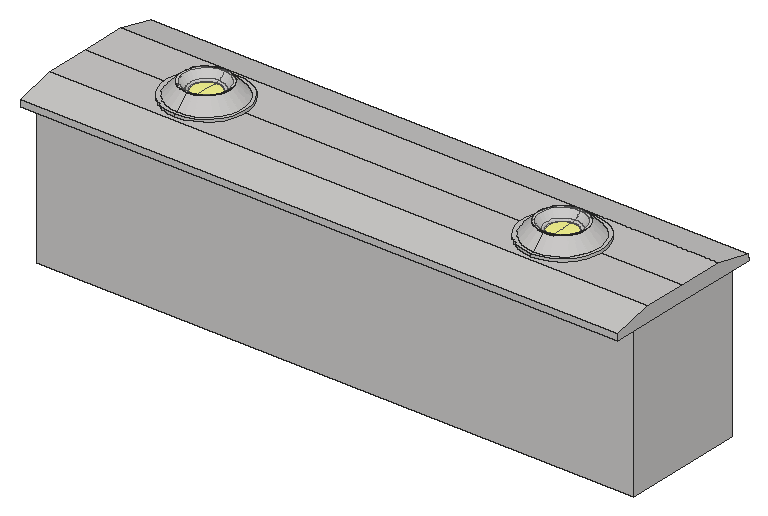
Revit family "CELEM", category Lighting Fixtures, host Face, Revit 2021
Family settings
  Host = Face
  Round Connector Dimension = Use Diameter
  Part Type = Normal
  OmniClass Number = 23.80.70.11.21
  OmniClass Title = Emergency Lighting
  Cut with Voids When Loaded = No
  Light Source = No
  Shared = No
  Room Calculation Point = No
Parameters (values of type "CELEM")
  zz Length 1 [instance] = if(Single Face, 0.200", 0.250")  # 0.200"
  Width = 2.0625"
  Watts = 3.72 W
  Wattage Comments = "3.72 W"
  Warranty = "2 year full unit warranty"  # constant formula
  Wall Plate Material = Black
  Voltage [instance] = if(Is 120VAC, 120 V, 277 V)  # 120 V
  URL = "https://www.currentlighting.com/compass"
  Type Comments = "Exit Light"  # constant formula
  Single Face = yes
  Product Page URL = ""
  Product Documentation Link = ""
  Model = "CELEM"
  Manufacturer = "Compass Products"  # constant formula
  Load Classification = Lighting
  Lens = Light Yellow
  Length = 10.0625"
  Lamp = "LED Lamp"  # constant formula
  Is 277VAC [instance] = not(Is 120VAC)  # no
  Is 120VAC [instance] = yes
  Holder Material = Steel
  Glass = light Glass
  Finish = White
  Features = "LED Life Cycle more than 10 years\r\nBattery recharge within 24 hours\r\nDamp location listed 10°C to 40°C (50°F to 104°F)\r\nDual-voltage 120 or 277V AC, 60Hz. input\r\nIncludes long-life Nickel Metal Hydride battery for UL recognized 90 minute emergency lighting\r\nProvided with test switch and AC-On indicator\r\nMatching CELC Edge-Lit combination exit/emergency light"  # constant formula
  Double Face = no
  Description = "The CELEM Series is a recessed architectural LED based Emergency Light with adjustable LED lamps"  # constant formula
  Default Elevation = 48.000"
  Certification = "UL924 Listed for Damp Location\r\nOSHA"  # constant formula
  Apparent Load = Watts  # 3.72 VA
Reference planes (in)
  plane 1 "Center (Front/Back)": y = 0
  plane 2: z = 0
  plane 3 "Center (Left/Right)": x = 0
  plane 4: z = 8.2
  plane 5: x = -5.03125
  plane 6: x = 5.03125
  plane 7: y = 1.03125
  plane 8: y = -1.03125
  plane 9: y = 1.375
  plane 10: y = -1.375
  plane 11: z = 0.5
Forms (in)
  Extrusion 1, solid, material "Steel" <- "Holder Material"
    sketch origin (0, 0, 0) x (1, 0, 0) y (0, 1, 0)
      loop
        line (-5.03125, 1.03125) -> (-5.03125, -1.03125) -> (5.03125, -1.03125) -> (5.03125, 1.03125) -> (-5.03125, 1.03125)
    from 0 to -2.5
  Extrusion 2, solid, material "Steel" <- "Holder Material"
    sketch origin (0, 0, 0) x (0, 1, 0) y (0, 0, 1)
      loop
        line (0, 0) -> (1.375, 0) -> (1.375, 0.1) -> (0.75, 0.25) -> (0, 0.25) -> (-0.75, 0.25) -> (-1.375, 0.1) -> (-1.375, 0) -> (0, 0)
    from -5.03125 to 5.03125
  Revolve 3, solid, material "Steel" <- "Holder Material"
    sketch origin (3, 0, 0) x (0, 1, 0) y (0, 0, 1)
      loop
        line (0, 0.25) -> (0, 0.36238) -> (-0.24529, 0.36238)
        arc (-0.24529, 0.36238) -> (-0.26556, 0.37846) -> (-0.28583, 0.36238) r 0.02081
        line (-0.28583, 0.36238) -> (-0.36694, 0.49219) -> (-0.40004, 0.49219) -> (-0.60116, 0.29106) -> (-0.66358, 0.29106) -> (-0.66358, 0.25) -> (0, 0.25)
      axis (0, 0.49219) -> (0, 0.25)
    angle from 0 to 360
  Extrusion 4, solid, material "light Glass" <- "Glass"
    sketch origin (0, 0, 0) x (1, 0, 0) y (0, 1, 0)
      loop
        circle (-3, 0) r 0.40004
      loop
        circle (3, 0) r 0.40004
    from 0.49219 to 0.5
  Revolve 5, solid, material "Steel" <- "Holder Material"
    sketch origin (-3, 0, 0) x (0, 1, 0) y (0, 0, -1)
      loop
        line (0, -0.25) -> (-0.66358, -0.25) -> (-0.66358, -0.29106) -> (-0.60116, -0.29106) -> (-0.40004, -0.49219) -> (-0.36694, -0.49219) -> (-0.28583, -0.36238)
        arc (-0.28583, -0.36238) -> (-0.26556, -0.37846) -> (-0.24529, -0.36238) r 0.02081
        line (-0.24529, -0.36238) -> (0, -0.36238) -> (0, -0.25)
      axis (0, -0.49219) -> (0, -0.25)
    angle from 0 to 360
  Revolve 6, solid, material "Light Yellow" <- "Lens"
    sketch origin (3, 0, 0) x (0, 1, 0) y (0, 0, 1)
      loop
        line (0, 0.34871) -> (0, 0.37954)
        arc (0, 0.37954) -> (-0.15992, 0.37335) -> (-0.31805, 0.34871) r 1.38132
        line (-0.31805, 0.34871) -> (0, 0.34871)
      axis (0, 0.37954) -> (0, 0.34017)
    angle from 0 to 360
  Revolve 7, solid, material "Light Yellow" <- "Lens"
    sketch origin (-3, 0, 0) x (0, 1, 0) y (0, 0, -1)
      loop
        line (0, -0.34871) -> (-0.31805, -0.34871)
        arc (-0.31805, -0.34871) -> (-0.15992, -0.37335) -> (0, -0.37954) r 1.38132
        line (0, -0.37954) -> (0, -0.34871)
      axis (0, -0.37954) -> (0, -0.34017)
    angle from 0 to 360
Dimensions and locks (in)
  plane 4 to plane 2 = 8.200"
  equal spacing: plane 8, plane 1 "Center (Front/Back)", plane 7
  "Width": plane 8 to plane 7
  equal spacing: plane 5, plane 3 "Center (Left/Right)", plane 6
  "Length": plane 5 to plane 6
  aligned and locked: plane 2 to host face
  aligned and locked: level to host face
Automatic sketch dimensions
  host sketch curve to host sketch curve = 96.000"  (x2)
  Extrusion 1 sketch curve to plane 5 = 0.000"
  Extrusion 1 sketch curve to plane 6 = 0.000"
  plane 8 to Extrusion 1 sketch curve = 0.000"
  plane 7 to Extrusion 1 sketch curve = 0.000"
  Extrusion 2 sketch curve to plane 10 = 0.000"
  Extrusion 2 sketch curve to level = 0.000"
  Extrusion 2 sketch curve to plane 1 "Center (Front/Back)" = 0.000"  (x2)
  Extrusion 2 sketch curve to plane 9 = 0.000"
  Extrusion 2 sketch curve to plane 8 = 0.28125"
  plane 7 to Extrusion 2 sketch curve = 0.28125"
  Extrusion 2 sketch curve to Extrusion 2 sketch curve = 0.100"  (x2)
  level to Extrusion 2 sketch curve = 0.250"
  Revolve 3 sketch curve to plane 1 "Center (Front/Back)" = 0.000"  (x2)
  plane 1 "Center (Front/Back)" to Revolve 3 sketch curve = 0.24529"
  Revolve 3 sketch curve to Revolve 3 sketch curve = 0.02027"  (x2)
  Revolve 3 sketch curve to plane 11 = 0.13762"
  Revolve 3 sketch curve to plane 11 = 0.00781"
  Revolve 3 sketch curve to Revolve 3 sketch curve = 0.08111"
  Revolve 3 sketch curve to Revolve 3 sketch curve = 0.0331"
  Revolve 3 sketch curve to plane 11 = 0.20894"
  Revolve 3 sketch curve to Revolve 3 sketch curve = 0.20112"
  Revolve 3 sketch curve to Revolve 3 sketch curve = 0.06242"
  Revolve 3 sketch curve to Revolve 3 sketch curve = 0.04106"
  Revolve 3 sketch curve to Revolve 3 sketch curve = 0.00473"
  Revolve 3 sketch curve to level = 24.000"
  plane 4 to Revolve 3 sketch curve = 31.70263"
  Extrusion 4 sketch curve to Extrusion 4 sketch curve = 0.000"  (x4)
  plane 1 "Center (Front/Back)" to Extrusion 4 sketch curve = 0.000"  (x2)
  plane 5 to Extrusion 4 sketch curve = 2.03125"
  Extrusion 4 sketch curve to plane 6 = 2.03125"
  plane 1 "Center (Front/Back)" to Extrusion 4 sketch curve = 0.40004"  (x2)
  Revolve 5 sketch curve to plane 1 "Center (Front/Back)" = 0.000"  (x2)
  plane 1 "Center (Front/Back)" to Revolve 5 sketch curve = 0.24529"
  Revolve 5 sketch curve to Revolve 5 sketch curve = 0.02027"  (x2)
  Revolve 5 sketch curve to plane 11 = 0.13762"
  Revolve 5 sketch curve to plane 11 = 0.00781"
  Revolve 5 sketch curve to Revolve 5 sketch curve = 0.08111"
  Revolve 5 sketch curve to Revolve 5 sketch curve = 0.0331"
  Revolve 5 sketch curve to plane 11 = 0.20894"
  Revolve 5 sketch curve to Revolve 5 sketch curve = 0.20112"
  Revolve 5 sketch curve to Revolve 5 sketch curve = 0.06242"
  Revolve 5 sketch curve to Revolve 5 sketch curve = 0.00473"
  Revolve 5 sketch curve to Revolve 5 sketch curve = 0.04106"
  plane 4 to Revolve 5 sketch curve = 31.70263"
  Revolve 5 sketch curve to level = 24.000"
  Revolve 6 sketch curve to plane 1 "Center (Front/Back)" = 0.000"  (x2)
  plane 1 "Center (Front/Back)" to Revolve 6 sketch curve = 0.02667"
  Revolve 6 sketch curve to plane 11 = 0.15129"
  plane 1 "Center (Front/Back)" to Revolve 6 sketch curve = 0.31805"
  Revolve 6 sketch curve to level = 1.00153"
  Revolve 6 sketch curve to Revolve 6 sketch curve = 22.99847"
  plane 4 to Revolve 6 sketch curve = 31.70263"
  Revolve 7 sketch curve to plane 1 "Center (Front/Back)" = 0.000"  (x2)
  plane 1 "Center (Front/Back)" to Revolve 7 sketch curve = 0.02667"
  Revolve 7 sketch curve to plane 11 = 0.15129"
  plane 1 "Center (Front/Back)" to Revolve 7 sketch curve = 0.31805"
  Revolve 7 sketch curve to Revolve 7 sketch curve = 0.03082"
  plane 4 to Revolve 7 sketch curve = 31.70263"
  Revolve 7 sketch curve to Revolve 7 sketch curve = 22.99847"
Nested families (in)
  nested 1: "Family1" at (-3.02603, 0.10727, -53.5), type "Family1"
  nested 2: "Family1" at (3.02603, 0.10727, -53.5) x (-1, 0, 0) z (0, 0, 1), type "Family1"
Connectors (in)
  electrical at (0, 0, -2.5), driven by "Voltage", driven by "Apparent Load"
    settings: on Extrusion 1, index 1, voltage 120 V, apparent load 3.72 VA, apparent load phase1 0 VA, apparent load phase2 0 VA, apparent load phase3 0 VA, power factor 1, load classification "Other", number of poles 1, system type 30, power factor state 1, is connector primary yes, connector utility no, sub classification motor no, connector description "Lighting Connector"
Definition of nested family "Family1"
  Parameters
    Wattage = 12.1178 W
    built-in parameter 1150110 = 1 (stored number, unit not read)
    built-in parameter 1114217 = 1 (stored number, unit not read)
    Tilt Angle = 0.00°
    built-in parameter 1150109 = 1 (stored number, unit not read)
    built-in parameter 1150134 = (empty or 0)
    built-in parameter 1150113 = 1 (stored number, unit not read)
    Photometric Web File = "CELEM.ies"
    Lumens = 1800 lm
    built-in parameter 1150115 = 1 (stored number, unit not read)
    built-in parameter 1150105 = -190950 (stored number, unit not read)
    built-in parameter 1150137 = (empty or 0)
    built-in parameter 1150139 = (empty or 0)
    built-in parameter 1150112 = 1 (stored number, unit not read)
    built-in parameter 1150114 = 1 (stored number, unit not read)
    built-in parameter 1150132 = 2
    built-in parameter 1150102 = (empty or 0)
    built-in parameter 1150138 = (empty or 0)
    built-in parameter 1150107 = 3000 (stored number, unit not read)
    built-in parameter 1150106 = -1909.5 (stored number, unit not read)
    built-in parameter 1150104 = 13.8 (stored number, unit not read)
    Dimming Lamp Color Temperature Shift = (empty or 0)
    Default Elevation = 0.000"
    Color Filter = 16777215
    built-in parameter 1114218 = 1 (stored number, unit not read)
    built-in parameter 1150133 = 10 (stored number, unit not read)
  Reference planes (in)
    plane 1 "Light Source Axis (F/B)": y = 0
    plane 2: z = 0
    plane 3 "Light Source Axis (L/R)": x = 0
    plane 4 "Light Source Elevation": z = 54
  Dimensions and locks (in)
    aligned and locked: plane 3 "Light Source Axis (L/R)" to imposter light
    aligned and locked: level to plane 2
